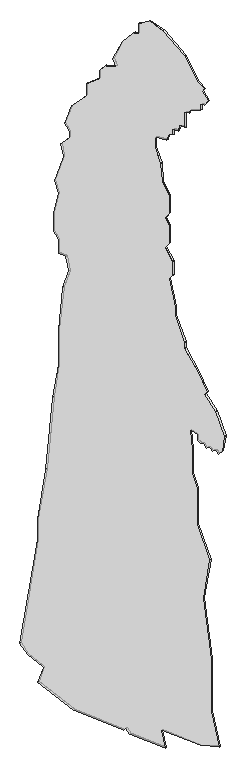
Revit family "Flat Arab 02", category Entourage, Revit 2015
Parameters
  Flat Material [instance] = none
  Height = 0 mm
Reference planes
  plane 1 "Center (Front/Back)": y = 0
  plane 2: z = 0
  plane 3 "Center (Left/Right)": x = 0
  plane 4: z = 1800
Forms (mm)
  Extrusion 1, solid, material <- "Flat Material"
    sketch origin (0, 0, 0) x (1, 0, 0) y (0, 0, 1)
      loop
        line (-75.925, 1775.33) -> (-89.102, 1772.045) -> (-120.922, 1740.225) -> (-148.161, 1686.765) -> (-139.709, 1668.638) -> (-168.818, 1661.381) -> (-186.496, 1643.703) -> (-186.496, 1623.703) -> (-223.357, 1597.892) -> (-223.357, 1567.892) -> (-265.589, 1525.661) -> (-284.4, 1473.978) -> (-270.258, 1459.835) -> (-270.258, 1444.835) -> (-295.007, 1420.087) -> (-287.749, 1390.978) -> (-313.401, 1320.501) -> (-301.198, 1293.094) -> (-315.341, 1240.315) -> (-315.341, 1190.973) -> (-301.198, 1176.831) -> (-301.198, 1141.831) -> (-280.633, 1141.831) -> (-272.077, 1107.515) -> (-289.178, 1060.53) -> (-301.198, 946.16) -> (-301.198, 861.16) -> (-316.827, 772.527) -> (-336.687, 583.568) -> (-360.13, 450.619) -> (-360.13, 400.619) -> (-409.619, 119.949) -> (-388.406, 98.736) -> (-343.559, 82.413) -> (-358.95, 40.127) -> (-258.417, 3.536) -> (-118.417, 3.536) -> (-111.346, 10.607) -> (-100.739, 0) -> (-0.739, 0) -> (-11.491, 40.127) -> (98.509, 40.127) -> (151.635, 54.362) -> (129.153, 138.267) -> (129.153, 268.267) -> (106.684, 414.978) -> (124.917, 518.383) -> (90.344, 596.034) -> (90.344, 686.034) -> (75.436, 719.518) -> (75.436, 779.344) -> (70.648, 824.901) -> (90.344, 821.428) -> (90.344, 807.678) -> (99.004, 802.678) -> (105.986, 805.786) -> (114.87, 796.901) -> (124.006, 800.969) -> (131.077, 793.898) -> (141.953, 800.177) -> (149.024, 793.106) -> (159.63, 803.712) -> (166.603, 843.257) -> (142.199, 898.07) -> (110.379, 929.89) -> (117.45, 936.961) -> (92.45, 980.262) -> (53.883, 1026.225) -> (53.883, 1041.225) -> (27.445, 1100.605) -> (27.445, 1120.605) -> (10.51, 1188.526) -> (20.075, 1198.091) -> (20.075, 1233.091) -> (0, 1261.761) -> (10.51, 1276.771) -> (10.51, 1321.771) -> (0, 1336.782) -> (10.51, 1351.793) -> (10.51, 1396.793) -> (-9.565, 1425.463) -> (-13.104, 1470.323) -> (-29.194, 1504.829) -> (-29.194, 1529.829) -> (3.532, 1532.411) -> (7.415, 1546.9) -> (21.009, 1553.239) -> (21.009, 1568.239) -> (36.009, 1568.239) -> (39.891, 1582.728) -> (54.891, 1582.728) -> (54.891, 1622.728) -> (67.798, 1623.746) -> (67.798, 1628.746) -> (99.518, 1643.538) -> (99.518, 1657.819) -> (109.518, 1657.819) -> (120.99, 1674.202) -> (103.312, 1691.88) -> (109.048, 1700.071) -> (92.665, 1711.543) -> (54.459, 1764.129) -> (-6.978, 1807.147) -> (-45.615, 1817.5) -> (-75.925, 1800) -> (-75.925, 1775.33)
    from -2.5 to 2.5
Lines and regions (mm)
  model lines
    curve 1: line (0, 148, 0) -> (0, -152, 0)
    curve 2: line (148.202, -0.202, 0) -> (-151.798, -0.202, 0)
Dimensions and locks
  aligned and locked: level to plane 2
